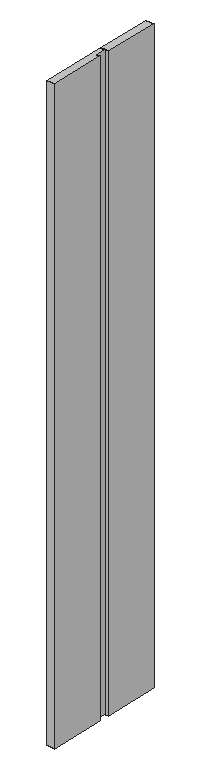
Revit family "RX3", category Specialty Equipment, Revit 2012
Parameters (values of type "Pharmacy Bay End Panel (Default)")
  Width of One Shelf +1.5" = 0' - 9 1/2"
  Width of Added Gondola Shelf = 0' - 8"
  URL = "http://www.madixinc.com/store/pharmacy/components/index.html"
  Model = "Pharmacy"
  Manufacturer = "© 2012 Madix, Inc. All rights reserved."
  Height + .5" = 7' - 0 1/2"
  Check if Shelf is Gondola [instance] = yes
Reference planes (in)
  plane 1 "Center (Front/Back)": y = 0
  plane 2: z = 0
  plane 3 "Center (Left/Right)": x = 0
  plane 4: x = -0.5625
  plane 5: x = 0.5625
  plane 6: y = 8.75
  plane 7: y = -8.75
  plane 8: z = 84.5
  plane 9: y = -0.75
  plane 10: y = 0.75
Forms (in)
  Extrusion 1, solid, material "Metal - Steel"
    sketch origin (0, -0.15579, 0) x (1, 0, 0) y (0, 1, 0)
      loop
        line (0.5625, -0.59421) -> (0.0625, -0.59421) -> (0.0625, 0.90579) -> (-0.5625, 0.90579) -> (-0.5625, -8.59421) -> (0.5625, -8.59421) -> (0.5625, -0.59421)
    from 0 to 84.5
  Extrusion 2, solid, material "Metal - Steel", visible <- "Check if Shelf is Gondola"
    sketch origin (0, 0, 0) x (1, 0, 0) y (0, 1, 0)
      loop
        line (0.5625, 8.75) -> (-0.5625, 8.75) -> (-0.5625, 0.75) -> (0.5625, 0.75) -> (0.5625, 8.75)
    from 0 to 84.5
Dimensions and locks (in)
  "Height + .5"": plane 8 to level
  equal spacing: plane 10, plane 1 "Center (Front/Back)", plane 9
  locked: plane 10 to plane 9 at 1.5
  "Width of One Shelf +1.5"": plane 10 to plane 7
  "Width of Added Gondola Shelf": plane 6 to plane 10
  aligned and locked: level to plane 2
  aligned and locked: Extrusion 1 to Extrusion 2
  aligned and locked: Extrusion 2 to plane 8
  aligned and locked: plane 6 to Extrusion 2
  aligned and locked: plane 10 to Extrusion 1
  aligned and locked: Extrusion 2 to Extrusion 1
  aligned and locked: plane 7 to Extrusion 1
Automatic sketch dimensions
  Extrusion 1 sketch curve to plane 4 = 0' - 0"
  Extrusion 1 sketch curve to plane 5 = 0' - 0"
  plane 7 to Extrusion 1 sketch curve = 0' - 0"
  plane 3 "Center (Left/Right)" to Extrusion 1 sketch curve = 0' - 0 1/16"
  plane 1 "Center (Front/Back)" to Extrusion 1 sketch curve = 0' - 0 3/4"
  Extrusion 1 sketch curve to plane 1 "Center (Front/Back)" = 0' - 0 3/4"
  Extrusion 2 sketch curve to plane 4 = 0' - 0"
  Extrusion 2 sketch curve to plane 5 = 0' - 0"
  Extrusion 2 sketch curve to plane 6 = 0' - 0"
  Extrusion 2 sketch curve to plane 1 "Center (Front/Back)" = 0' - 0 3/4"
